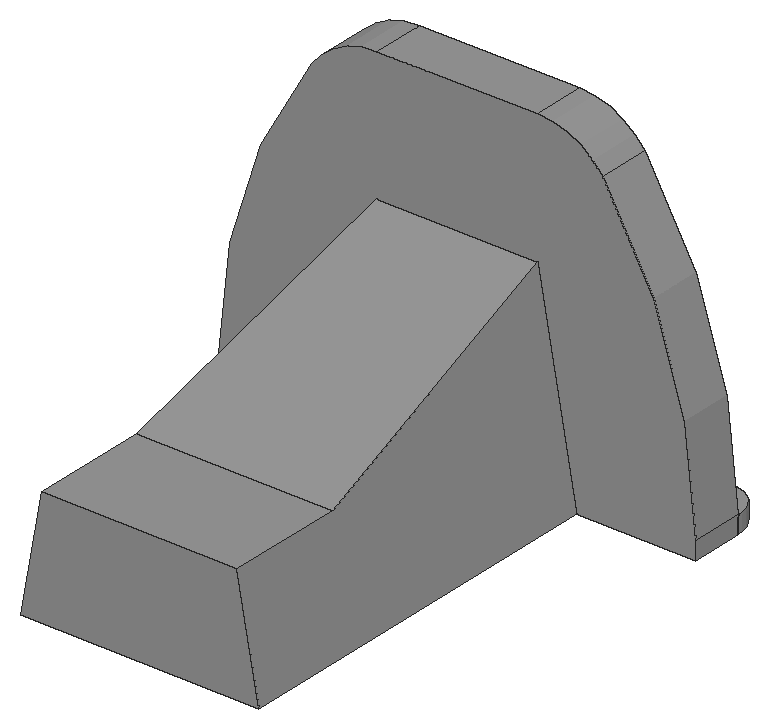
Revit family "3_Station-Wash_Fountain-Willoughby-WAF-3300", category Plumbing Fixtures, Revit 2015
Parameters (values of type "Standard")
  Waste DIA = 1 1/2"
  Waste Connection = yes
  Vent Connection = no
  URL = "https://www.willoughby-ind.com/wp-content/uploads/2018/01/WAF-3300.pdf"
  Revision = "A"
  Model = "WAF-3300"
  Manufacturer = "Willoughby Industries"
  Lav Waste RAD = Waste DIA / 2  # 3/4"
  HW inlet RAD = CW Inlet DIA / 2  # 1/4"
  HW Inlet DIA = 1/2"
  HW Connection = yes
  Fixture Body = Stainless Steel AISI 304-Willoughby
  Description = "3 station washfountain, Floor Mounted"
  Default Elevation = 0' - 0"
  Contact Info = "(800) 428-4065"
  CW inlet RAD = HW Inlet DIA / 2  # 1/4"
  CW Inlet DIA = 1/2"
  CW Connection = yes
  AquaSurf Solid surface = Solid Surface Acrylic Resin-Willoughby
Reference planes (in)
  plane 1 "Center (Front/Back)": y = 0
  plane 2: z = 0
  plane 3 "Center (Left/Right)": x = 0
  plane 4: y = 34
  plane 5: y = 20.5
  plane 6: x = -1
  plane 7: x = -5
  plane 8: y = 23.5
  plane 9: z = 3
Forms (in)
  Extrusion 1, solid, material "Solid Surface Acrylic Resin-Willoughby" <- "AquaSurf Solid surface"
    sketch origin (0, 0, 0) x (1, 0, 0) y (0, 0, 1)
      loop
        line (18, 0) -> (18, 1.3125)
        arc (18, 1.3125) -> (16.19686, 12.93507) -> (10.95696, 23.46497) r 38.35959
        arc (10.95696, 23.46497) -> (8.81633, 25.32869) -> (6.05859, 26) r 6
        line (6.05859, 26) -> (-6.05859, 26)
        arc (-6.05859, 26) -> (-8.81633, 25.32869) -> (-10.95696, 23.46497) r 6
        arc (-10.95696, 23.46497) -> (-16.19686, 12.93507) -> (-18, 1.3125) r 38.35959
        line (-18, 1.3125) -> (-18, 0) -> (18, 0)
    from -34 to -30
  Extrusion 2, solid, material "Solid Surface Acrylic Resin-Willoughby" <- "AquaSurf Solid surface", detail levels medium+fine
    sketch origin (0, 0, 0) x (1, 0, 0) y (0, 1, 0)
      loop
        line (6.25, 37.5) -> (-6.25, 37.5) -> (-15.60543, 36.68151)
        arc (-15.60543, 36.68151) -> (-17.312, 35.83992) -> (-18.00165, 34.06649) r 2.625
        line (-18.00165, 34.06649) -> (-18.00165, 34) -> (18.00165, 34) -> (18.00165, 34.06649)
        arc (18.00165, 34.06649) -> (17.312, 35.83992) -> (15.60543, 36.68151) r 2.625
        line (15.60543, 36.68151) -> (6.25, 37.5)
    from 0 to 1.3125
  Extrusion 3, void, detail levels fine
    sketch origin (0, 0, 0) x (1, 0, 0) y (0, 0, 1)
      loop
        arc (-4.80741, 8.48537) -> (-4.46062, 9.06188) -> (-3.82704, 9.2882) r 1
        line (-3.82704, 9.2882) -> (3.82704, 9.2882)
        arc (3.82704, 9.2882) -> (4.46062, 9.06188) -> (4.80741, 8.48537) r 1
        line (4.80741, 8.48537) -> (6.14944, 1.8125) -> (15.99656, 1.8125)
        arc (15.99656, 1.8125) -> (14.2143, 12.56708) -> (9.32417, 22.30998) r 36.35959
        arc (9.32417, 22.30998) -> (7.89708, 23.55246) -> (6.05859, 24) r 4
        line (6.05859, 24) -> (-6.05859, 24)
        arc (-6.05859, 24) -> (-7.89708, 23.55246) -> (-9.32417, 22.30998) r 4
        arc (-9.32417, 22.30998) -> (-14.2143, 12.56708) -> (-15.99656, 1.8125) r 36.35959
        line (-15.99656, 1.8125) -> (-6.14944, 1.8125) -> (-4.80741, 8.48537)
    from -34 to -31.04074
  Extrusion 4, solid, material "Solid Surface Acrylic Resin-Willoughby" <- "AquaSurf Solid surface", detail levels medium+fine
    sketch origin (0, 0, 0) x (1, 0, 0) y (0, 0, 1)
      loop
        line (6.25, 1.3125) -> (4.16146, 11.69717)
        arc (4.16146, 11.69717) -> (3.81467, 12.27368) -> (3.18109, 12.5) r 1
        line (3.18109, 12.5) -> (-3.69111, 12.5)
        arc (-3.69111, 12.5) -> (-4.32468, 12.27368) -> (-4.67147, 11.69717) r 1
        line (-4.67147, 11.69717) -> (-6.25, 3.84839) -> (-6.25, 0) -> (6.25, 0) -> (6.25, 1.3125)
    from -38.6875 to -34
  Extrusion 5, solid, material "Solid Surface Acrylic Resin-Willoughby" <- "AquaSurf Solid surface", detail levels medium+fine
    sketch origin (0, 0, 0) x (1, 0, 0) y (0, 0, 1)
      loop
        line (-6.75, 0) -> (6.75, 0) -> (6.75, 1.36228) -> (4.57092, 12.19717)
        arc (4.57092, 12.19717) -> (4.22412, 12.77368) -> (3.59055, 13) r 1
        line (3.59055, 13) -> (-3.59055, 13)
        arc (-3.59055, 13) -> (-4.22412, 12.77368) -> (-4.57092, 12.19717) r 1
        line (-4.57092, 12.19717) -> (-6.75, 1.36228) -> (-6.75, 0)
    from -39.5 to -38.6875
  Extrusion 6, solid, material "Stainless Steel AISI 304-Willoughby" <- "Fixture Body"
    sketch origin (0, 0, 0) x (0, 1, 0) y (0, 0, 1)
      loop
        line (0, 0) -> (30, 0) -> (30, 16) -> (9, 8.875) -> (0, 8.875) -> (0, 0)
    from -9 to 9
  Extrusion 7, void, detail levels fine
    sketch origin (0, 0, 0) x (1, 0, 0) y (0, 0, 1)
      loop
        line (-6.0625, 16) -> (-10.92772, 16) -> (-10.92772, 0) -> (-9, 0) -> (-6.0625, 16)
    from -30 to 0
  Extrusion 8, void, detail levels fine
    sketch origin (0, 0, 0) x (-1, 0, 0) y (0, 0, -1)
      loop
        line (-6.0625, -16) -> (-9, 0) -> (-10.92772, 0) -> (-10.92772, -16) -> (-6.0625, -16)
    from -30 to 0
  Extrusion 9, solid, material "Stainless Steel AISI 304-Willoughby" <- "Fixture Body", detail levels fine
    sketch origin (0, 0, 0) x (1, 0, 0) y (0, 1, 0)
      loop
        circle (0, 36.04123) r 0.75
    from 12.5 to 13.26649
  Extrusion 10, solid, material "Stainless Steel AISI 304-Willoughby" <- "Fixture Body", detail levels fine
    sketch origin (-7.29933, 0, 5.28548) x (0.197169, 0, -0.980369) y (0, 1, 0)
      loop
        circle (0, 36.04123) r 0.75
    from 12.5 to 13.25086
  Extrusion 11, solid, material "Stainless Steel AISI 304-Willoughby" <- "Fixture Body", detail levels fine
    sketch origin (7.29933, 0, 5.28548) x (-0.197169, 0, -0.980369) y (0, -1, 0)
      loop
        circle (0, -36.04123) r 0.75
    from 12.5 to 13.25598
  Extrusion 12, solid, detail levels fine
    sketch origin (0, 0, 0) x (1, 0, 0) y (0, 1, 0)
      loop
        circle (-1, 20.5) r 0.25
    from 3 to 4.28228
  Extrusion 13, solid, detail levels fine
    sketch origin (-4, 0, 0) x (1, 0, 0) y (0, 1, 0)
      loop
        circle (-1, 20.5) r 0.25
    from 3 to 4.28228
  Extrusion 14, solid, material "Stainless Steel AISI 304-Willoughby" <- "Fixture Body", detail levels fine
    sketch origin (0, 0, 0) x (1, 0, 0) y (0, 1, 0)
      loop
        circle (0, 23.5) r 0.75
    from 3 to 4.28228
Cuts and joins
  Extrusion 7, Extrusion 8 cuts Extrusion 6
  Extrusion 8 cuts Extrusion 4
  Extrusion 8 cuts Extrusion 2
  Extrusion 3 cuts Extrusion 1
Lines and regions (in)
  symbolic lines
    curve 1: line (9, 0, 0) -> (-9, 0, 0)
    curve 2: line (-9, 0, 0) -> (-9, 30, 0)
    curve 3: line (9, 30, 0) -> (9, 0, 0)
    curve 4: line (18, 34, 0) -> (18, 30, 0)
    curve 5: line (18, 30, 0) -> (-18, 30, 0)
    curve 6: line (-18, 30, 0) -> (-18, 34, 0)
    curve 7: arc (-18, 34, 0) -> (-17.31423, 35.79753, 0) -> (-15.60543, 36.68151, 0) r 2.6987
    curve 8: line (-15.60543, 36.68151, 0) -> (-6.25, 37.5, 0)
    curve 9: line (-6.25, 37.5, 0) -> (6.25, 37.5, 0)
    curve 10: line (6.25, 37.5, 0) -> (15.60543, 36.68151, 0)
    curve 11: arc (15.60543, 36.68151, 0) -> (17.33404, 35.81522, 0) -> (18, 34, 0) r 2.62414
    curve 24: line (-18.00165, 0, 0) -> (18.00165, 0, 0)
    curve 25: line (18.00165, 0, 0) -> (18.00165, 0, 1.3125)
    curve 27: line (-18.00165, 0, 1.3125) -> (-18.00165, 0, 0)
    curve 29: line (6.05859, 0, 26) -> (-6.05859, 0, 26)
    curve 30: arc (6.44975, 0, 25.98724) -> (8.98865, 0, 25.23591) -> (10.95696, 0, 23.46497) r 6
    curve 31: arc (10.95696, 0, 23.46497) -> (16.1973, 0, 12.93507) -> (18.00165, 0, 1.3125) r 38.36858
    curve 32: arc (-6.05859, 0, 26) -> (-8.81633, 0, 25.32869) -> (-10.95696, 0, 23.46497) r 6
    curve 33: arc (-10.95696, 0, 23.46497) -> (-16.1973, 0, 12.93507) -> (-18.00165, 0, 1.3125) r 38.36858
    curve 46: line (0, 0, 0) -> (0, 39.5, 0)
    curve 49: line (0, 38.6875, 12.5) -> (0, 38.6875, 0)
    curve 51: line (0, 38.6875, 1.3125) -> (0, 34, 1.3125)
    curve 52: line (0, 38.6875, 3.84839) -> (0, 34, 3.84839)
    curve 53: line (0, 38.6875, 12.5) -> (0, 34, 12.5)
    curve 54: line (0, 34, 26) -> (0, 34, 0)
    curve 60: line (0, 34, 26) -> (0, 30, 26)
    curve 61: line (0, 30, 26) -> (0, 30, 0)
    curve 62: line (0, 34, 1.8125) -> (0, 31.04074, 1.8125)
    curve 63: line (0, 31.04074, 1.8125) -> (0, 31.04074, 24)
    curve 64: line (0, 31.04074, 24) -> (0, 34, 24)
    curve 65: line (0, 31.04074, 9.2882) -> (0, 34, 9.2882)
    curve 66: line (0, 30, 16) -> (0, 9, 8.875)
    curve 67: line (0, 9, 8.875) -> (0, 0, 8.875)
    curve 68: line (0, 0, 8.875) -> (0, 0, 0)
  symbolic lines, detail levels fine
    curve 12: line (6.25, 37.5, 0) -> (6.25, 38.6875, 0)
    curve 13: line (-6.25, 37.5, 0) -> (-6.25, 38.6875, 0)
    curve 14: line (6.75, 38.6875, 0) -> (-6.75, 38.6875, 0)
    curve 15: line (-6.75, 38.6875, 0) -> (-6.75, 39.5, 0)
    curve 16: line (-6.75, 39.5, 0) -> (6.75, 39.5, 0)
    curve 17: line (6.75, 39.5, 0) -> (6.75, 38.6875, 0)
    curve 39: line (6.75, 0, 0) -> (6.75, 0, 1.36228)
    curve 40: line (6.75, 0, 1.36228) -> (4.57092, 0, 12.19717)
    curve 41: line (3.76809, 0, 13) -> (-3.59055, 0, 13)
    curve 42: line (-4.61561, 0, 11.97494) -> (-6.76001, 0, 1.3125)
    curve 43: arc (4.57092, 0, 12.19717) -> (4.33577, 0, 12.76486) -> (3.76809, 0, 13) r 0.80283
    curve 44: arc (-3.59055, 0, 13) -> (-4.31538, 0, 12.69977) -> (-4.61561, 0, 11.97494) r 1.02506
    curve 45: line (-6.76001, 0, 1.3125) -> (-6.76001, 0, 0)
    curve 55: line (0, 36.79123, 13.26649) -> (0, 36.79123, 12.5)
    curve 56: line (0, 36.79123, 13.26649) -> (0, 35.29123, 13.26649)
    curve 57: line (0, 35.29123, 13.26649) -> (0, 35.29123, 12.5)
    curve 58: arc (0, 36.81398, 7.87474) -> (0, 36.06398, 7.12474) -> (0, 35.31398, 7.87474) r 0.75
    curve 59: arc (0, 35.31398, 7.87474) -> (0, 36.06398, 8.62474) -> (0, 36.81398, 7.87474) r 0.75
  symbolic lines, detail levels medium+fine
    curve 18: line (18, 34, 0) -> (-18, 34, 0)
    curve 19: line (-6.0625, 30, 0) -> (-7.37061, 9, 0)
    curve 20: line (-7.37061, 9, 0) -> (-7.37061, 0, 0)
    curve 21: line (7.37061, 0, 0) -> (7.37061, 9, 0)
    curve 22: line (7.37061, 9, 0) -> (6.0625, 30, 0)
    curve 23: line (7.37061, 9, 0) -> (-7.37061, 9, 0)
    curve 26: line (18.00165, 0, 1.3125) -> (-18.00165, 0, 1.3125)
    curve 28: line (6.05859, 0, 24) -> (-6.05859, 0, 24)
    curve 34: arc (6.05859, 0, 24) -> (7.89708, 0, 23.55246) -> (9.32417, 0, 22.30998) r 4
    curve 35: arc (9.32417, 0, 22.30998) -> (14.2143, 0, 12.56708) -> (15.99656, 0, 1.8125) r 36.35959
    curve 36: line (15.99656, 0, 1.8125) -> (-15.99656, 0, 1.8125)
    curve 37: arc (-15.99656, 0, 1.8125) -> (-14.2143, 0, 12.56708) -> (-9.32417, 0, 22.30998) r 36.35959
    curve 38: arc (-9.32417, 0, 22.30998) -> (-7.89708, 0, 23.55246) -> (-6.05859, 0, 24) r 4
    curve 47: line (0, 39.5, 0) -> (0, 39.5, 13)
    curve 48: line (0, 39.5, 13) -> (0, 38.6875, 13)
    curve 50: line (0, 39.5, 1.36228) -> (0, 38.6875, 1.36228)
    curve 69: line (0, 38.6875, 12.5) -> (0, 38.6875, 13)
Dimensions and locks (in)
  locked: Extrusion 1 to Extrusion 1 at 4
  plane 1 "Center (Front/Back)" to cut or joined group of Extrusion 1, Extrusion 3 = 2' - 6"
  aligned and locked: plane 4 to Extrusion 1
  aligned and locked: plane 9 to Extrusion 12
  aligned and locked: cut or joined group of Extrusion 2, Extrusion 8 to cut or joined group of Extrusion 2, Extrusion 8  (x3)
  aligned and locked: cut or joined group of Extrusion 2, Extrusion 8 to level
  aligned and locked: Extrusion 5 to cut or joined group of Extrusion 4, Extrusion 8
  aligned and locked: cut or joined group of Extrusion 1, Extrusion 3 to cut or joined group of Extrusion 1, Extrusion 3  (x2)
Connectors (in)
  piping at (-1, 20.5, 3), diameter 0.5, driven by "CW inlet RAD", driven by "CW Connection"
    settings: on Extrusion 12, index 1, connector inside diameter 1/2", connector length 0' - 0", flow factor 0, pipe flow 0 GPM, pressure drop 0.00 psi, fitting loss kfactor 0, connector angle 0.00°, fixture units 0, engagement length 0' - 0", angle of deflection 0.00°, flow configuration 0, flow direction 1, fitting loss method 0, system type 20, joint type 0, gender type 0, connector reference index -1, connector utility 1, adjustable connector no, is connector primary yes, connector description "Washfountain CW Supply"
  piping at (-5, 20.5, 3), diameter 0.5, driven by "HW inlet RAD", driven by "HW Connection"
    settings: on Extrusion 13, index 2, connector inside diameter 1/2", connector length 0' - 0", flow factor 0, pipe flow 0 GPM, pressure drop 0.00 psi, fitting loss kfactor 0, connector angle 0.00°, fixture units 0, engagement length 0' - 0", angle of deflection 0.00°, flow configuration 0, flow direction 1, fitting loss method 0, system type 19, joint type 0, gender type 0, connector reference index -1, connector utility 1, adjustable connector no, is connector primary no, connector description "Washfountain HW Supply"
  piping at (0, 23.5, 3), diameter 1.5, driven by "Waste Connection", driven by "Lav Waste RAD"
    settings: on Extrusion 14, index 3, connector inside diameter 1 1/2", connector length 0' - 0", flow factor 0, pipe flow 0 GPM, pressure drop 0.00 psi, fitting loss kfactor 0, connector angle 0.00°, fixture units 0, engagement length 0' - 0", angle of deflection 0.00°, flow configuration 0, flow direction 2, fitting loss method 0, system type 16, joint type 0, gender type 0, connector reference index -1, connector utility 1, adjustable connector yes, is connector primary no, connector description "Washfountain Drain"
